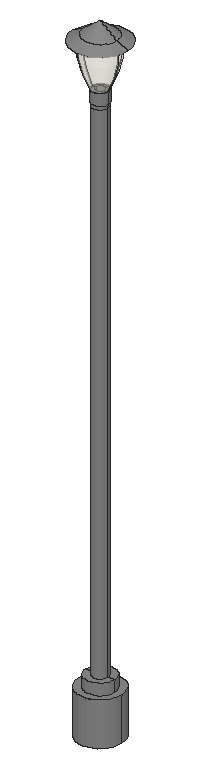
Revit family
Parameters (values of type "250 watt Halogen")
  Wattage = 30.2945 W
  built-in parameter 1150110 = 1 (stored number, unit not read)
  built-in parameter 1114217 = 1 (stored number, unit not read)
  built-in parameter 1150109 = 1 (stored number, unit not read)
  built-in parameter 1150134 = 3
  built-in parameter 1150113 = 1 (stored number, unit not read)
  built-in parameter 1150105 = 358.1 (stored number, unit not read)
  built-in parameter 1150115 = 1 (stored number, unit not read)
  Light Source Symbol Size = 609.60 mm
  built-in parameter 1150137 = (empty or 0)
  built-in parameter 1150139 = (empty or 0)
  built-in parameter 1150112 = 1 (stored number, unit not read)
  built-in parameter 1150114 = 1 (stored number, unit not read)
  Keynote = "V"
  built-in parameter 1150132 = 2
  built-in parameter 1150102 = (empty or 0)
  built-in parameter 1150107 = 3200 (stored number, unit not read)
  built-in parameter 1150138 = (empty or 0)
  built-in parameter 1150106 = 3.581 (stored number, unit not read)
  Height = 4500.00 mm
  Lamp = "T-4"
  Lumens = 4500 lm
  Material Shade = Glass - Frosted
  Material Stand = Metal - Paint Finish - Dark Gray,Matte
  Wattage Comments = "250"
  built-in parameter 1150104 = 13.8 (stored number, unit not read)
  Dimming Lamp Color Temperature Shift = (empty or 0)
  Color Filter = 16777215
  built-in parameter 1114218 = 1 (stored number, unit not read)
  built-in parameter 1150133 = 10 (stored number, unit not read)
Types (4, lengths in mm): name | Wattage | built-in parameter 1150105 | built-in parameter 1150106 | Height | Lamp | Lumens | Wattage Comments
  (no name) | 30.2945 W | 358.1 (stored number, unit not read) | 3.581 (stored number, unit not read) | 4500.00 | "T-4" | 4500 lm | "250"
  400 watt Halogen | 48.4712 W | 572.96 (stored number, unit not read) | 5.7296 (stored number, unit not read) | 4600.00 | "T-4" | 7200 lm | "400"
  250 watt Sodium | 151.472 W | 1790.5 (stored number, unit not read) | 17.905 (stored number, unit not read) | 4600.00 | "E-18" | 22500 lm | "250"
  250 watt Halogen | 30.2945 W | 358.1 (stored number, unit not read) | 3.581 (stored number, unit not read) | 4500.00 | "T-4" | 4500 lm | "250"
Reference planes
  plane 1 "Light Source Axis": y = 0
  plane 2: z = 0
  plane 3 "Light Source Axis": x = 0
  plane 4: z = 4500
  plane 5: z = 4373
  plane 6: z = 4411.1
  plane 7: z = 4068.2
  plane 8: z = 3992
  plane 9: z = 3966.6
  plane 10: x = -114.3
  plane 11: x = -190.5
  plane 12: x = -165.1
  plane 13: x = -76.2
  plane 14: x = 101.6
  plane 15: x = 76.2
  plane 16 "Light Source Elevation": z = 4292.6
  plane 17: z = 304.8
Forms (mm)
  Extrusion 1, solid, material "Metal - Paint Finish - Dark Gray,Matte" <- "Material Stand"
    sketch origin (0, 0, 0) x (1, 0, 0) y (0, 1, 0)
      loop
        circle (0, 0) r 152.4
    from 0 to 304.8
  Revolve 2, solid, material "Metal - Paint Finish - Dark Gray,Matte" <- "Material Stand"
    sketch origin (0, 0, 0) x (1, 0, 0) y (0, 0, 1)
      loop
        line (0, 4500) -> (-114.3, 4411.1) -> (-190.5, 4373) -> (-114.3, 4373) -> (-114.3, 4381.731) -> (-144.639, 4381.731) -> (-107.454, 4400.324) -> (0, 4485.172) -> (0, 4500)
      loop
        line (-57.398, 4068.2) -> (-57.398, 3992) -> (-53.975, 3992) -> (-53.975, 3966.6) -> (-12.7, 3966.6) -> (-12.7, 3992) -> (-31.998, 3992) -> (-31.998, 4068.2) -> (-57.398, 4068.2)
      axis (0, 4500) -> (0, 3966.6)
    angle from 0 to 360
  Sweep 3, solid, material "Metal - Paint Finish - Dark Gray,Matte" <- "Material Stand"
    path origin (0, 0, 304.8) x (1, 0, 0) y (0, 1, 0)
      loop
        circle (0, 0) r 12.7
    profile origin (0, 0, 304.8) x (0, -1, 0) y (0, 0, 1)
      loop
        line (-25.4, 0) -> (-25.4, 3661.8) -> (-50.8, 3661.8) -> (-50.8, 76.2) -> (-101.6, 76.2) -> (-101.6, 0) -> (-25.4, 0)
  Revolve 4, solid, material "Glass - Frosted" <- "Material Shade"
    sketch origin (0, 0, 0) x (1, 0, 0) y (0, 0, 1)
      loop
        line (-57.398, 4068.2) -> (-51.043, 4068.2)
        arc (-51.043, 4068.2) -> (-108.966, 4215.957) -> (-131.878, 4373) r 695.382
        line (-131.878, 4373) -> (-139.069, 4373)
        arc (-139.069, 4373) -> (-115.751, 4215.906) -> (-57.398, 4068.2) r 695.382
      axis (0, 4373) -> (0, 4068.2)
    angle from 0 to 360
Lines and regions (mm)
  symbolic lines, style "Exterior"
    curve 1: arc (152.4, 0, 0) -> (0, 152.4, 0) -> (-152.4, 0, 0) r 152.4
    curve 2: arc (-152.4, 0, 0) -> (0, -152.4, 0) -> (152.4, 0, 0) r 152.4
    curve 3: arc (12.7, 0, 0) -> (0, 12.7, 0) -> (-12.7, 0, 0) r 12.7
    curve 4: arc (-12.7, 0, 0) -> (0, -12.7, 0) -> (12.7, 0, 0) r 12.7
Dimensions and locks
  "Height": plane 4 to plane 2
  locked: plane 8 to plane 9 at 25.4
  locked: plane 7 to plane 8 at 76.2
  locked: plane 5 to plane 7 at 304.8
  locked: plane 6 to plane 5 at 38.1
  locked: plane 4 to plane 6 at 88.9
  aligned and locked: plane 10 to Revolve 2 sketch curve
  aligned and locked: plane 11 to Revolve 2 sketch curve
  aligned and locked: plane 5 to Revolve 2 sketch curve
  aligned and locked: Sweep 3 sketch curve to plane 9
  aligned and locked: Sweep 3 sketch curve to plane 17
  aligned and locked: imposter light to plane 3 "Light Source Axis"
  aligned and locked: plane 1 "Light Source Axis" to imposter light
  aligned and locked: plane 16 "Light Source Elevation" to imposter light
Automatic sketch dimensions
  Extrusion 1 sketch curve to plane 1 "Light Source Axis" = 0.00 mm
  Extrusion 1 sketch curve to plane 3 "Light Source Axis" = 0.00 mm
  Extrusion 1 sketch curve to plane 3 "Light Source Axis" = 152.40 mm
  Sweep 3 sketch curve to plane 1 "Light Source Axis" = 0.00 mm
  Sweep 3 sketch curve to plane 3 "Light Source Axis" = 0.00 mm
  Sweep 3 sketch curve to plane 3 "Light Source Axis" = 12.70 mm
  Revolve 2 sketch curve to plane 10 = 0.00 mm
  Revolve 2 sketch curve to plane 7 = 0.00 mm
  Revolve 2 sketch curve to plane 8 = 0.00 mm  (x2)
  Revolve 2 sketch curve to plane 9 = 0.00 mm
  Revolve 2 sketch curve to plane 3 "Light Source Axis" = 0.00 mm
  Revolve 2 sketch curve to plane 5 = 8.731 mm
  Revolve 2 sketch curve to plane 12 = 20.461 mm
  Revolve 2 sketch curve to plane 10 = 6.846 mm
  Revolve 2 sketch curve to plane 3 "Light Source Axis" = 57.398 mm
  Revolve 2 sketch curve to Revolve 2 sketch curve = 3.423 mm
  Revolve 2 sketch curve to Revolve 2 sketch curve = 25.40 mm
  Revolve 2 sketch curve to plane 3 "Light Source Axis" = 12.70 mm
  Revolve 2 sketch curve to plane 6 = 0.00 mm
  Revolve 2 sketch curve to plane 4 = 0.00 mm  (x2)
  plane 9 to Revolve 2 sketch curve = 76.20 mm
  plane 6 to Revolve 2 sketch curve = 10.776 mm
  Revolve 2 sketch curve to Revolve 2 sketch curve = 14.828 mm
  Revolve 2 sketch curve to Revolve 2 sketch curve = 254.00 mm
  Revolve 4 sketch curve to plane 5 = 0.00 mm
  Revolve 4 sketch curve to plane 7 = 0.00 mm
  Revolve 4 sketch curve to plane 3 "Light Source Axis" = 0.00 mm
  Revolve 4 sketch curve to plane 3 "Light Source Axis" = 51.043 mm
  Revolve 4 sketch curve to Revolve 4 sketch curve = 6.355 mm
  Revolve 4 sketch curve to plane 3 "Light Source Axis" = 131.878 mm
  Revolve 4 sketch curve to Revolve 4 sketch curve = 7.191 mm
  Revolve 4 sketch curve to plane 5 = 22.884 mm
  Revolve 4 sketch curve to Revolve 4 sketch curve = 7.244 mm
  Revolve 4 sketch curve to plane 8 = 25.40 mm
  Revolve 4 sketch curve to plane 4 = 177.80 mm
  curve 1 to plane 1 "Light Source Axis" = 0.00 mm
  curve 4 to plane 1 "Light Source Axis" = 0.00 mm
  curve 2 to plane 3 "Light Source Axis" = 0.00 mm
  curve 3 to plane 3 "Light Source Axis" = 0.00 mm
  curve 3 to plane 3 "Light Source Axis" = 12.70 mm
  curve 2 to plane 12 = 12.70 mm
  profile plane to Sweep 3 sketch curve = 88.90 mm
  profile plane to Sweep 3 sketch curve = 38.10 mm
  profile plane to Sweep 3 sketch curve = 12.70 mm
  Sweep 3 sketch curve to Sweep 3 sketch curve = 76.20 mm
